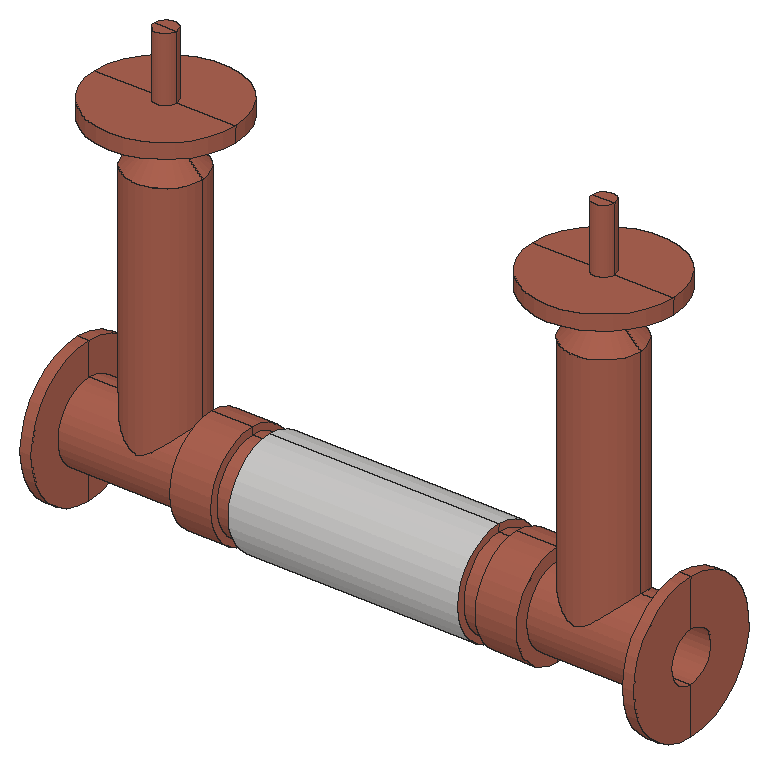
Revit family "Barracuda 20", category Pipe Accessories, Revit 2018
Family settings
  Round Connector Dimension = Use Radius
  Part Type = Valve - Breaks Into
  OmniClass Number = 23.65.55.14.21
  OmniClass Title = Non-Return Valves for Liquid Services
  Work Plane-Based = No
  Always vertical = Yes
  Cut with Voids When Loaded = No
  Shared = Yes
Parameters (values of type "2.5"")
  Warranty Information = "1 Year (Limited)"
  URL = "http://www.watts.com/"
  Type Comments = ""
  Shipping Weight = 115.00 lbf
  Region = "North America"  # constant formula
  Product data url = "https://bimobject.com/watts/product/3458"
  Product Page URL = "http://www.watts.com/pages/_products_details.asp?pid=3458"
  Product Documentation Link = "http://media.wattswater.com/ES-757-757N.pdf"
  Price = "Prices may vary. Please consult Manufacturer Representative for most up-to-date price list."  # constant formula
  Nominal Radius = 1.25"
  Nominal Diameter = Nominal Radius * 2  # 2.50"
  Model = "757"  # constant formula
  Max. Working Pressure = " 175psi (12.1 bar)"  # constant formula
  Material = "304 Series-Stainless Steel"
  Manufacturer Product Line = "Backflow Prevention"  # constant formula
  Manufacturer = "WATTS"
  GV_Inlet_To_GV_Outlet = 30.70"
  GV_Handle_Rad = 3.53125"
  GV_Handle_Height = 19.00"
  Description = "Series 757, 757N Double Check Valve Assemblies prevent the backflow of pollutants that are objectionable but not toxic, from entering into the potable water supply. Its compact housing consists of two independently operating tri-link check valves, two shutoff valves, and four test cocks. It features a stainless steel housing and sleeve and is 70% lighter than traditional designs. Series 757, 757N is designed for non-health hazard applications and may be installed under continuous pressure service to protect against both backpressure and backsiphonage. Maximum Working Pressure: 175psi (12.06 bar)."  # constant formula
  Creation Date = "06/06/2022"  # constant formula
  Country = "United States"  # constant formula
  Connection Type = "Flanged Connection"  # constant formula
  Connection Size = Nominal Diameter  # 2.50"
  Connection Radius = Nominal Radius  # 1.25"
  Connection Outlet Description = "2.5\" Connection Outlet"
  Connection Inlet Description = "2.5\" Connection Inlet"
  Assembly Code = "D2090800"
Types (6): name | Shipping Weight | Nominal Radius | Nominal Diameter | Material | GV_Inlet_To_GV_Outlet | GV_Handle_Rad | GV_Handle_Height | Connection Size | Connection Radius | Connection Outlet Description | Connection Inlet Description
  (no name) | 115.00 lbf | 1.25" | 2.50" | "304 Series-Stainless Steel" | 30.70" | 3.53125" | 19.00" | 2.50" | 1.25" | "2.5\" Connection Outlet" | "2.5\" Connection Inlet"
  2.5" | 115.00 lbf | 1.25" | 2.50" | "304 Series-Stainless Steel" | 30.70" | 3.53125" | 19.00" | 2.50" | 1.25" | "2.5\" Connection Outlet" | "2.5\" Connection Inlet"
  3" | 131.00 lbf | 1.50" | 3.00" | "304 Series-Stainless Steel" | 31.60" | 3.75" | 19.50" | 3.00" | 1.50" | "3\" Connection Outlet" | "3\" Connection Inlet"
  4" | 161.00 lbf | 2.00" | 4.00" | "304 Series-Stainless Steel" | 33.70" | 4.50" | 22.50" | 4.00" | 2.00" | "4\" Connection Outlet" | "4\" Connection Inlet"
  6" | 273.00 lbf | 3.00" | 6.00" | "304 Series-Stainless Steel" | 42.70" | 5.50" | 30.90" | 6.00" | 3.00" | "6\" Connection Outlet" | "6\" Connection Inlet"
  8" | 438.00 lbf | 4.00" | 8.00" | "Metal-WATTS-304 Series-Stainless Steel" | 44.60" | 6.75" | 39.40" | 8.00" | 4.00" | "8\" Connection Outlet" | "8\" Connection Inlet"
Reference planes (in)
  plane 1 "Center (Front/Back)": y = 0
  plane 2: z = 0
  plane 3 "Center (Left/Right)": x = 0
  plane 4: x = -15.35
  plane 5: x = 15.35
  plane 6: z = 19
  plane 7: x = -10.965
  plane 8: x = 10.965
  plane 9: x = -8.665
  plane 10: x = -6.615
  plane 11: x = -5.745
  plane 12: x = 8.665
  plane 13: x = 6.615
  plane 14: x = -14.8
  plane 15: x = 14.8
  plane 16: x = 14.49625
  plane 17: x = -14.49625
  plane 18: z = 1.25
  plane 19: z = 1.96733
  plane 20: z = 2.58
  plane 21: z = 3.74
  plane 22: z = 2.245
  plane 23: z = -1.25
  plane 24: z = -1.96733
  plane 25: z = -2.58
  plane 26: z = -3.74
  plane 27: z = -2.245
  plane 28: z = 0.5
  plane 29: z = -0.5
  plane 30: y = 1.25
  plane 31: y = -1.25
  plane 32: y = 1.85
  plane 33: y = -1.85
  plane 34: y = 12.57
  plane 35: y = 8.57
  plane 36: y = 0.58
  plane 37: y = -0.58
  plane 38: y = 1.96733
  plane 39: y = 2.245
  plane 40: y = 2.58
  plane 41: x = -8.14
  plane 42: x = -7.14
  plane 43: y = 3.74
  plane 44: y = 10.07
  plane 45: x = 8.14
  plane 46: x = 7.14
  plane 47: y = 11.07
  plane 48: y = -1.96733
  plane 49: y = -2.245
  plane 50: y = -2.58
  plane 51: y = -3.74
  plane 52: y = 1.25
  plane 53: y = 3.53125
  plane 54: y = -1.25
  plane 55: y = -3.53125
  plane 56: x = -7.6875
  plane 57: x = 0
  plane 58: x = 7.6875
  plane 59: x = -3.02
  plane 60: z = 3.85
  plane 61: z = -3.85
  plane 62: x = 5.745
Forms (in)
  Revolve 1, solid, material "Metal-WATTS-Bronze Nickel Plated"
    sketch origin (-15.74, 0, 0) x (1, 0, 0) y (0, 0, 1)
      loop
        line (7.075, 1.96733) -> (0.94, 1.96733) -> (0.94, 3.6) -> (0.39, 3.6) -> (0.39, 1.25) -> (2.9238, 1.25) -> (2.9238, 0) -> (28.56119, 0) -> (28.56119, 1.25) -> (31.09, 1.25) -> (31.09, 3.6) -> (30.54, 3.6) -> (30.54, 1.96733) -> (24.405, 1.96733) -> (24.405, 2.58) -> (22.355, 2.58) -> (22.355, 2.245) -> (21.485, 2.245) -> (21.485, 2.58) -> (9.995, 2.58) -> (9.995, 2.245) -> (9.125, 2.245) -> (9.125, 2.58) -> (7.075, 2.58) -> (7.075, 1.96733)
      axis (0.39, 0) -> (31.09, 0)
    angle from 0 to 360
  Revolve 2, solid, material "Metal-WATTS-Bronze Nickel Plated"
    sketch origin (17.115, 0, 0) x (-1, 0, 0) y (0, 0, -1)
      loop
        line (6.15, 0) -> (4.3, 0) -> (4.3, -12.8) -> (5.6, -14.1) -> (5.6, -15.05) -> (2.61875, -15.05) -> (2.61875, -15.8) -> (5.6, -15.8) -> (5.6, -19) -> (6.15, -19) -> (6.15, 0)
      axis (6.15, -19) -> (6.15, 0)
    angle from 0 to 360
  Revolve 3, solid, material "Metal-WATTS-Bronze Nickel Plated"
    sketch origin (-17.115, 0, 0) x (1, 0, 0) y (0, 0, 1)
      loop
        line (6.15, 0) -> (6.15, 19) -> (5.6, 19) -> (5.6, 15.8) -> (2.61875, 15.8) -> (2.61875, 15.05) -> (5.6, 15.05) -> (5.6, 14.1) -> (4.3, 12.8) -> (4.3, 0) -> (6.15, 0)
      axis (6.15, 19) -> (6.15, 0)
    angle from 0 to 360
Lines and regions (in)
  Masking region 1, detail levels fine
    outline origin (0, 0, 0) x (1, 0, 0) y (0, 1, 0)
      loop
        line (-15.35, 3.74) -> (-15.35, -3.74) -> (-14.8, -3.74) -> (-14.8, -1.96733) -> (-8.665, -1.96733) -> (-8.665, -2.58) -> (-6.615, -2.58) -> (-6.615, -2.245) -> (-5.745, -2.245) -> (-5.745, -2.58) -> (0, -2.58) -> (0, -2.245) -> (6.615, -2.245) -> (6.615, -2.58) -> (8.665, -2.58) -> (8.665, -1.96733) -> (14.8, -1.96733) -> (14.8, -3.74) -> (15.35, -3.74) -> (15.35, 3.74) -> (14.8, 3.74) -> (14.8, 1.96733) -> (8.665, 1.96733) -> (8.665, 2.58) -> (6.615, 2.58) -> (6.615, 2.245) -> (0, 2.245) -> (0, 2.58) -> (-5.745, 2.58) -> (-5.745, 2.245) -> (-6.615, 2.245) -> (-6.615, 2.58) -> (-8.665, 2.58) -> (-8.665, 1.96733) -> (-14.8, 1.96733) -> (-14.8, 3.74) -> (-15.35, 3.74)
  Masking region 2, detail levels fine
    outline origin (0, 0, 0) x (1, 0, 0) y (0, 1, 0)
      loop
        circle (-10.965, 0) r 3.53125
      loop
        circle (10.965, 0) r 3.53125
  symbolic lines, style "PipeAccessory", detail levels fine
    curve 1: line (-14.8, -1.96733, 0) -> (-14.8, 1.96733, 0)
    curve 2: line (-6.615, -2.245, 0) -> (-6.615, 2.245, 0)
    curve 3: line (-5.745, -2.245, 0) -> (-5.745, 2.245, 0)
    curve 4: line (0, -2.245, 0) -> (0, 2.245, 0)
    curve 5: line (6.615, -2.245, 0) -> (6.615, 2.245, 0)
    curve 6: line (-8.14, 2.58, 0) -> (-7.14, 2.58, 0)
    curve 7: line (7.14, 2.58, 0) -> (8.14, 2.58, 0)
    curve 8: line (14.8, 1.96733, 0) -> (14.8, -1.96733, 0)
    curve 9: circle (-2.8725, 0, 0) r 0.58 normal (0, 0, 1)
    curve 10: circle (-2.8725, 0, 0) r 0.88 normal (0, 0, 1)
    curve 11: circle (-2.8725, 0, 0) r 1.25 normal (0, 0, 1)
  model lines, detail levels coarse+medium
    curve 12: line (-15.375, 1.41021, 0) -> (-15.375, -1.41021, 0)
    curve 13: line (-7.6875, 1.41021, 0) -> (-7.6875, -1.41021, 0)
    curve 14: line (-7.6875, 1.41021, 0) -> (0, -1.41021, 0)
    curve 15: line (0, -1.41021, 0) -> (0, 1.41021, 0)
    curve 16: line (-7.6875, 1.41021, 0) -> (-15.375, -1.41021, 0)
    curve 17: line (-15.375, 1.41021, 0) -> (-7.6875, -1.41021, 0)
    curve 18: line (-11.53125, 0, 0) -> (-11.53125, 1.41021, 0)
    curve 19: line (-11.53125, 1.41021, 0) -> (-11.05284, 1.41021, 0)
    curve 20: line (7.6875, 1.41021, 0) -> (7.6875, -1.41021, 0)
    curve 21: line (15.375, 1.41021, 0) -> (15.375, -1.41021, 0)
    curve 22: line (15.375, 1.41021, 0) -> (7.6875, -1.41021, 0)
    curve 23: line (7.6875, 1.41021, 0) -> (15.375, -1.41021, 0)
    curve 24: line (11.53125, 0, 0) -> (11.53125, 1.41021, 0)
    curve 25: line (11.05128, 1.41021, 0) -> (11.53125, 1.41021, 0)
    curve 26: line (0, 1.41021, 0) -> (7.6875, -1.41021, 0)
Dimensions and locks (in)
  "GV_Inlet_To_GV_Outlet": plane 5 to plane 4
  "GV_Handle_Height": plane 6 to plane 2
  equal spacing: plane 8, plane 3 "Center (Left/Right)", plane 7
  locked: plane 7 to plane 4 at 4.385
  locked: plane 8 to plane 5 at 4.385
  locked: plane 9 to plane 7 at 2.3
  locked: plane 8 to plane 12 at 2.3
  locked: plane 9 to plane 10 at 2.05
  locked: plane 10 to plane 11 at 0.87
  locked: plane 12 to plane 13 at 2.05
  locked: plane 14 to plane 4 at 0.55
  locked: plane 5 to plane 15 at 0.55
  "GV_Handle_Rad": plane 8 to plane 16
  Revolve 2 sketch curve to Revolve 2 sketch curve to Revolve 2 sketch curve to Revolve 2 sketch curve to Revolve 2 sketch curve = 3.20" locked, 0.75" locked, 0.95" locked, 1.30" locked
  Revolve 3 sketch curve to Revolve 3 sketch curve to Revolve 3 sketch curve to Revolve 3 sketch curve to Revolve 3 sketch curve = 1.30" locked, 0.95" locked, 0.75" locked, 3.20" locked
  locked: Revolve 1 sketch curve to plane 18 at 2.35  (x2)
  "Nominal Radius": plane 18 to plane 2
  locked: Revolve 1 sketch curve to plane 18 at 0.71733  (x2)
  locked: Revolve 1 sketch curve to plane 18 at 1.33
  locked: Revolve 1 sketch curve to plane 18 at 0.995
  "GV_Handle_Rad": plane 17 to plane 7
  locked: plane 8 to Revolve 1 sketch curve at 1.85619
  locked: plane 7 to Revolve 1 sketch curve at 1.8512
  locked: plane 19 to plane 18 at 0.71733
  locked: plane 20 to plane 19 at 0.61267
  locked: plane 21 to plane 22 at 1.495
  locked: plane 22 to plane 18 at 0.995
  locked: Revolve 3 sketch curve to plane 7 at 1.85
  locked: plane 8 to Revolve 2 sketch curve at 1.85
  "Nominal Radius": level to plane 23
  locked: plane 25 to plane 24 at 0.61267
  plane 26 to plane 27 = 1.495"
  locked: plane 23 to plane 24 at 0.71733
  locked: plane 23 to plane 27 at 0.995
  plane 7 to plane 41 to plane 42 = 2.825" locked, 1.00" locked
  plane 46 to plane 45 to plane 8 = 1.00" locked, 2.825" locked
  plane 43 to plane 40 to plane 39 to plane 38 to plane 52 = 1.16" locked, 0.335" locked, 0.27767" locked, 0.71733" locked
  "Nominal Radius": plane 52 to plane 1 "Center (Front/Back)"
  "GV_Handle_Rad": plane 53 to plane 1 "Center (Front/Back)"
  plane 51 to plane 50 to plane 49 to plane 48 to plane 54 = 1.16" locked, 0.335", 0.27767", 0.71733" locked
  "Nominal Radius": plane 54 to plane 1 "Center (Front/Back)"
  "GV_Handle_Rad": plane 1 "Center (Front/Back)" to plane 55
  locked: plane 56 to plane 57 at 7.6875
  locked: plane 57 to plane 58 at 7.6875
  locked: curve 19 to plane 56 at 3.36534
  plane 58 to curve 25 = 3.36378"
  curve 18 to plane 56 = 3.84375"
  plane 58 to curve 24 = 3.84375"
  locked: plane 13 to plane 62 at 0.87
  aligned and locked: Revolve 2 sketch curve to plane 16
  aligned and locked: plane 6 to Revolve 2  (x2)
  aligned and locked: Revolve 3 sketch curve to plane 17
  aligned and locked: Revolve 3 to plane 6
  aligned and locked: plane 18 to Revolve 1 sketch curve
  aligned and locked: Revolve 3 sketch curve to level
  aligned and locked: level to Revolve 1 sketch curve
  aligned and locked: Revolve 1 sketch curve to plane 20
  aligned and locked: Revolve 1 to plane 4
  aligned and locked: plane 5 to Revolve 1
  aligned and locked: Revolve 1 to plane 15  (x2)
  aligned and locked: Masking region 1 sketch curve to plane 43
  aligned and locked: Masking region 1 sketch curve to plane 51
  aligned and locked: Masking region 1 sketch curve to Masking region 1 sketch curve  (x3)
  aligned and locked: Masking region 1 sketch curve to plane 40
  aligned and locked: plane 50 to Masking region 1 sketch curve
  aligned and locked: Masking region 1 sketch curve to plane 39
  aligned and locked: plane 49 to Masking region 1 sketch curve
  aligned and locked: Masking region 1 to plane 15  (x2)
  aligned and locked: Masking region 1 to Revolve 1
  aligned and locked: Masking region 1 to curve 8  (x2)
  aligned and locked: Masking region 1 to curve 5  (x2)
  aligned and locked: Masking region 1 to curve 4  (x2)
  aligned and locked: Masking region 1 to curve 3  (x2)
  aligned and locked: Masking region 1 to curve 2  (x2)
  aligned and locked: Masking region 1 to curve 1  (x2)
  aligned and locked: Masking region 1 to curve 6
  aligned and locked: Masking region 2 sketch curve to Revolve 3
  aligned and locked: Masking region 2 sketch curve to Revolve 2
  aligned and locked: curve 13 to plane 56
  aligned and locked: plane 57 to curve 15
  aligned and locked: curve 20 to plane 58
  aligned and locked: plane 3 "Center (Left/Right)" to plane 57
  aligned and locked: plane 2 to Revolve 2 sketch curve
  aligned and locked: plane 12 to Revolve 1 sketch curve
  aligned and locked: Revolve 1 sketch curve to plane 9
  aligned and locked: plane 10 to Revolve 1 sketch curve
  aligned and locked: Revolve 1 sketch curve to plane 11
  aligned and locked: Revolve 1 sketch curve to plane 13
  aligned and locked: plane 14 to Revolve 1
  aligned and locked: Revolve 1 sketch curve to plane 62
  aligned and locked: Revolve 1 sketch curve to plane 22
Automatic sketch dimensions
  Revolve 3 sketch curve to plane 6 = 0.00"
  Revolve 3 sketch curve to level = 0.00"
  Revolve 3 sketch curve to plane 7 = 0.00"  (x2)
  Revolve 3 sketch curve to plane 7 = 0.55"
  Revolve 3 sketch curve to Revolve 3 sketch curve = 0.55"
  Revolve 3 sketch curve to plane 6 = 0.875"
  plane 50 to Masking region 1 sketch curve = 0.00"  (x2)
  plane 48 to Masking region 1 sketch curve = 0.00"  (x2)
  Masking region 1 sketch curve to plane 38 = 0.00"  (x2)
  Masking region 1 sketch curve to plane 39 = 0.00"
  plane 41 to Masking region 1 sketch curve = 0.525"  (x2)
  Masking region 1 sketch curve to plane 42 = 0.525"
  Masking region 1 sketch curve to plane 46 = 0.525"  (x2)
  plane 45 to Masking region 1 sketch curve = 0.525"  (x2)
  Masking region 1 sketch curve to plane 15 = 0.00"  (x2)
  curve 8 to plane 15 = 0.00"
  plane 34 to curve 26 = 13.98021"
  curve 12 to curve 22 = 0.00"
  curve 20 to curve 23 = 0.00"
  curve 12 to curve 13 = 0.00"
  curve 13 to curve 14 = 0.00"
  curve 12 to curve 18 = 2.82042"
  curve 26 to curve 20 = 2.82042"
  curve 13 to curve 16 = 2.82042"
  curve 21 to curve 21 = 2.82042"
  curve 14 to curve 15 = 2.82042"
  curve 12 to curve 17 = 2.82042"
  curve 24 to curve 24 = 1.41021"
  Masking region 1 sketch curve to Masking region 1 sketch curve = 2.05"
  Masking region 1 sketch curve to plane 40 = 0.00"  (x2)
  curve 6 to plane 41 = 0.00"
  curve 6 to plane 42 = 0.00"
  curve 7 to plane 40 = 0.00"
  curve 7 to plane 46 = 0.00"
  curve 7 to plane 45 = 0.00"
  curve 9 to curve 11 = 0.00"  (x2)
  curve 1 to plane 14 = 0.00"
  curve 4 to plane 3 "Center (Left/Right)" = 0.00"
  curve 2 to plane 42 = 0.525"
  curve 2 to curve 3 = 0.87"
  curve 5 to plane 46 = 0.525"
  Masking region 1 sketch curve to plane 4 = 0.00"
  Masking region 1 sketch curve to plane 14 = 0.00"  (x2)
  Masking region 1 sketch curve to plane 3 "Center (Left/Right)" = 0.00"  (x2)
  Masking region 1 sketch curve to plane 5 = 0.00"
  Masking region 1 sketch curve to Masking region 1 sketch curve = 0.87"  (x2)
  plane 1 "Center (Front/Back)" to curve 24 = 0.00"
  curve 25 to curve 24 = 0.47997"
  plane 1 "Center (Front/Back)" to curve 18 = 0.00"
  curve 17 to plane 4 = 0.025"
  Revolve 2 sketch curve to plane 6 = 0.00"
  plane 8 to Revolve 2 sketch curve = 0.00"  (x2)
  Revolve 2 sketch curve to level = 0.00"
  Revolve 2 sketch curve to plane 8 = 0.55"  (x2)
  Revolve 2 sketch curve to Revolve 2 sketch curve = 2.625"
  Revolve 1 sketch curve to plane 4 = 0.00"
  plane 14 to Revolve 1 sketch curve = 0.00"
  Revolve 1 sketch curve to level = 0.00"
  Revolve 1 sketch curve to plane 15 = 0.00"
  plane 5 to Revolve 1 sketch curve = 0.00"
  Revolve 1 sketch curve to plane 18 = 0.00"
  Revolve 1 sketch curve to plane 20 = 0.00"
  Revolve 1 sketch curve to plane 9 = 0.135"
  Revolve 1 sketch curve to plane 13 = 3.14"
  radius of curve 11 = 1.25"
Connectors (in)
  piping at (-15.35, 0, 0), diameter 2.5, driven by "Connection Inlet Description", driven by "Connection Radius"
    settings: on Revolve 1, index 1, connector inside diameter 24", connector length 0.00", flow factor 0, pipe flow 0 GPM, pressure drop 0.00 psi, fitting loss kfactor 0, connector angle 0.00°, fixture units 0, engagement length 0.00", angle of deflection 0.00°, flow configuration 0, flow direction 1, fitting loss method 0, system type 29, joint type 0, gender type 0, connector reference index 2, connector utility 0, adjustable connector no, is connector primary yes, connector description "2.5\" Connection Inlet"
  piping at (15.35, 0, 0), diameter 2.5, driven by "Connection Radius", driven by "Connection Outlet Description"
    settings: on Revolve 1, index 2, connector inside diameter 24", connector length 0.00", flow factor 0, pipe flow 0 GPM, pressure drop 0.00 psi, fitting loss kfactor 0, connector angle 0.00°, fixture units 0, engagement length 0.00", angle of deflection 0.00°, flow configuration 0, flow direction 2, fitting loss method 0, system type 29, joint type 0, gender type 0, connector reference index 1, connector utility 0, adjustable connector no, is connector primary no, connector description "2.5\" Connection Outlet"
